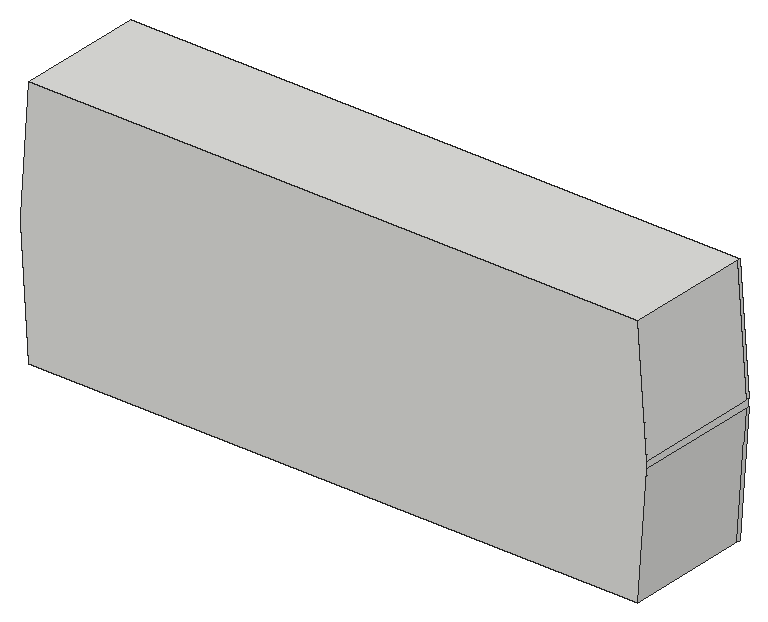
Revit family "290412 ProLED E combi ST LED 230V 1t_Vegg", category Lighting Fixtures, Revit 2016
Family settings
  Part Type = Normal
  Round Connector Dimension = Use Diameter
  OmniClass Number = 23.80.70.11.21
  OmniClass Title = Emergency Lighting
  Work Plane-Based = No
  Always vertical = Yes
  Cut with Voids When Loaded = No
  Light Source = Yes
  Shared = No
  Room Calculation Point = No
Parameters (values of type "MarkeringsLys (45 Ned mot venstre)")
  Type Comments = "-UN"
  NS8360 = "4431_WT2"
  Markeringslys normal = no
  Markeringslys ikke normal = yes
  Keynote = "WT2"
  Height 2 = 0 mm  # constant formula
  Width = 73 mm  # constant formula
  Wattage Comments = "17 W"
  Wattage = 9.2903 W
  built-in parameter 1150110 = 1 (stored number, unit not read)
  Voltage = 230 V
  URL = ""
  built-in parameter 1114217 = 1 (stored number, unit not read)
  Tilt Angle = 90.00°
  built-in parameter 1150109 = 1 (stored number, unit not read)
  built-in parameter 1150134 = 3
  Symbol Positive Direction [instance] = yes
  Symbol Offset Side [instance] = 0 mm
  Symbol Offset Out [instance] = 0 mm
  built-in parameter 1150113 = 1 (stored number, unit not read)
  Reference Line Out [instance] = 50 mm
  Photometric Web File = "20x42A12.ies"
  Number of Poles = 1
  MarkeringsLys Venstre = no
  MarkeringsLys Ned = no
  MarkeringsLys Opp = no
  MarkeringsLys Høyre = no
  MarkeringsLys 45 Opp mot venstre = no
  MarkeringsLys 45 Opp mot høyre = no
  MarkeringsLys 45 Ned mot venstre = yes
  MarkeringsLys 45 Ned mot høyre = no
  ML = yes
  built-in parameter 1150105 = 109.82 (stored number, unit not read)
  Lumens = 1380 lm
  built-in parameter 1150115 = 1 (stored number, unit not read)
  Load Classification [instance] = Other
  Model = ""
  Manufacturer = "Honeywell"
  built-in parameter 1150137 = (empty or 0)
  built-in parameter 1150139 = (empty or 0)
  Length 1 = Length - 15 mm  # 345 mm
  Length = 360 mm  # constant formula
  LedeLys = no
  built-in parameter 1150112 = 1 (stored number, unit not read)
  built-in parameter 1150114 = 1 (stored number, unit not read)
  Lamp = "1"
  built-in parameter 1150132 = (empty or 0)
  built-in parameter 1150102 = (empty or 0)
  built-in parameter 1150107 = 3200 (stored number, unit not read)
  built-in parameter 1150138 = (empty or 0)
  built-in parameter 1150106 = 1.0982 (stored number, unit not read)
  Height 1 = Height - 10 mm  # 135 mm
  Height = 145 mm  # constant formula
  Emit from Rectangle Width = Height  # 145 mm
  Emit from Rectangle Length = Length  # 360 mm
  Emit Shape Visible in Rendering = no
  built-in parameter 1150104 = 13.8 (stored number, unit not read)
  Dimming Lamp Color Temperature Shift = <None>
  Description = ""
  Color Filter = 16777215
  Body Material and Colour = Steel
  built-in parameter 1114218 = 1 (stored number, unit not read)
  built-in parameter 1150133 = 10 (stored number, unit not read)
  Assembly Code = "4431"
  Apparent Load = 17 VA
Types (9, lengths in mm): name | NS8360 | Markeringslys normal | Markeringslys ikke normal | MarkeringsLys Venstre | MarkeringsLys Ned | MarkeringsLys Opp | MarkeringsLys Høyre | MarkeringsLys 45 Opp mot venstre | MarkeringsLys 45 Opp mot høyre | MarkeringsLys 45 Ned mot venstre | MarkeringsLys 45 Ned mot høyre | ML | LedeLys | Assembly Code
  LedeLys | "4432_WT2" | yes | no | no | no | no | no | no | no | no | no | no | yes | "4432"
  MarkeringsLys (Ned) | "4431_WT2" | yes | no | no | yes | no | no | no | no | no | no | yes | no | "4431"
  MarkeringsLys (Opp) | "4431_WT2" | yes | no | no | no | yes | no | no | no | no | no | yes | no | "4431"
  MarkeringsLys (Venstre) | "4431_WT2" | no | yes | yes | no | no | no | no | no | no | no | yes | no | "4431"
  MarkeringsLys (Høyre) | "4431_WT2" | yes | no | no | no | no | yes | no | no | no | no | yes | no | "4431"
  MarkeringsLys (45 Ned mot høyre) | "4431_WT2" | yes | no | no | no | no | no | no | no | no | yes | yes | no | "4431"
  MarkeringsLys (45 Ned mot venstre) | "4431_WT2" | no | yes | no | no | no | no | no | no | yes | no | yes | no | "4431"
  MarkeringsLys (45 Opp mot høyre) | "4431_WT2" | yes | no | no | no | no | no | no | yes | no | no | yes | no | "4431"
  MarkeringsLys (45 Opp mot venstre) | "4431_WT2" | no | yes | no | no | no | no | yes | no | no | no | yes | no | "4431"
Reference planes
  plane 1 "Light Source Axis (F/B)": y = 119.961
  plane 2 "Top": z = 83
  plane 3 "Light Source Axis (L/R)": x = 0
  plane 4 "Level": z = 0
  plane 5 "Bottom": z = -145
  plane 6: x = -180
  plane 7: x = 180
  plane 8: y = 190.961
  plane 9: y = 192.961
  plane 10: z = -5
  plane 11: x = -172.5
  plane 12: x = 172.5
  plane 13: z = -72.5
  plane 14: z = -140
  plane 15: x = -80
  plane 16: x = 80
  plane 17: y = 149.961
Forms (mm)
  Extrusion 1, solid, material "Steel" <- "Body Material and Colour"
    sketch origin (0, 119.961, 0) x (1, 0, 0) y (0, 0, 1)
      loop
        arc (-175, 0) -> (-178.748, -35.161) -> (-180, -70.5) r 499.525
        line (-180, -70.5) -> (-180, -74.5)
        arc (-180, -74.5) -> (-178.748, -109.839) -> (-175, -145) r 499.525
        line (-175, -145) -> (175, -145)
        arc (175, -145) -> (178.748, -109.839) -> (180, -74.5) r 499.525
        line (180, -74.5) -> (180, -70.5)
        arc (180, -70.5) -> (178.748, -35.161) -> (175, 0) r 499.525
        line (175, 0) -> (-175, 0)
    from 0 to -71
  Extrusion 2, solid, material "Steel" <- "Body Material and Colour"
    sketch origin (0, 119.961, 0) x (1, 0, 0) y (0, 0, 1)
      loop
        arc (-175, 0) -> (-178.748, -35.161) -> (-180, -70.5) r 499.525
        line (-180, -70.5) -> (-180, -74.5)
        arc (-180, -74.5) -> (-178.748, -109.839) -> (-175, -145) r 499.525
        line (-175, -145) -> (175, -145)
        arc (175, -145) -> (178.748, -109.839) -> (180, -74.5) r 499.525
        line (180, -74.5) -> (180, -70.5)
        arc (180, -70.5) -> (178.748, -35.161) -> (175, 0) r 499.525
        line (175, 0) -> (-175, 0)
      loop
        line (-172.5, -5) -> (-172.5, -140) -> (172.5, -140) -> (172.5, -5) -> (-172.5, -5)
    from -73 to -71
  Extrusion 3, solid, material "White"
    sketch origin (0, 119.961, 0) x (1, 0, 0) y (0, 0, 1)
      loop
        line (172.5, -5) -> (-172.5, -5) -> (-172.5, -140) -> (172.5, -140) -> (172.5, -5)
    from -71 to -30
Cuts and joins
  joined: Extrusion 1, Extrusion 2
Lines and regions (mm)
  model lines, style "InvisibleLines"
    curve 1: line (0, 119.961, 0) -> (0, 169.961, 0)
  symbolic lines, style "InvisibleLines"
    curve 2: line (0, 119.961, 50) -> (0, 119.961, 0)
Dimensions and locks
  equal spacing: plane 6, plane 3 "Light Source Axis (L/R)", plane 7
  "Length": plane 6 to plane 7
  plane 8 to plane 1 "Light Source Axis (F/B)" = 71 mm
  locked: plane 9 to plane 8 at 2
  equal spacing: plane 4 "Level", plane 13, plane 5 "Bottom"
  "Height": plane 4 "Level" to plane 5 "Bottom"
  equal spacing: plane 11, plane 3 "Light Source Axis (L/R)", plane 12
  "Length 1": plane 11 to plane 12
  equal spacing: plane 10, plane 13, plane 14
  "Height 1": plane 10 to plane 14
  "Width": plane 1 "Light Source Axis (F/B)" to plane 9
  "Reference Line Out": plane 1 "Light Source Axis (F/B)" to curve 1
  plane 11 to plane 6 = 7.5 mm
  "Height 2": level to plane 4 "Level"
  equal spacing: plane 16, plane 3 "Light Source Axis (L/R)", plane 15
  locked: plane 16 to plane 15 at 160
  plane 1 "Light Source Axis (F/B)" to plane 17 = 30 mm
  aligned and locked: plane 3 "Light Source Axis (L/R)" to nested 2
  aligned and locked: plane 1 "Light Source Axis (F/B)" to nested 2
  aligned and locked: plane 8 to nested 1
  aligned and locked: plane 4 "Level" to Extrusion 1 sketch curve
  aligned and locked: plane 5 "Bottom" to Extrusion 1 sketch curve
  aligned and locked: Extrusion 1 to plane 8
  aligned and locked: plane 1 "Light Source Axis (F/B)" to Extrusion 1
  aligned and locked: plane 4 "Level" to Extrusion 2 sketch curve
  aligned and locked: plane 5 "Bottom" to Extrusion 2 sketch curve
  aligned and locked: plane 6 to Extrusion 2 sketch curve
  aligned and locked: Extrusion 2 sketch curve to plane 10
  aligned and locked: plane 11 to Extrusion 2 sketch curve
  aligned and locked: plane 14 to Extrusion 2 sketch curve
  aligned and locked: Extrusion 2 sketch curve to plane 12
  aligned and locked: plane 8 to Extrusion 2
  aligned and locked: Extrusion 2 to plane 9
  aligned and locked: nested 1 to plane 13
  aligned and locked: plane 13 to imposter light
  aligned and locked: imposter light to plane 1 "Light Source Axis (F/B)"
  aligned and locked: imposter light to plane 3 "Light Source Axis (L/R)"
  aligned and locked: plane 1 "Light Source Axis (F/B)" to curve 1
  aligned and locked: plane 3 "Light Source Axis (L/R)" to curve 1
  aligned and locked: nested 3 to plane 3 "Light Source Axis (L/R)"
  aligned and locked: plane 13 to nested 3
  aligned and locked: nested 3 to plane 8
  aligned and locked: plane 13 to nested 4
  aligned and locked: nested 4 to plane 3 "Light Source Axis (L/R)"
  aligned and locked: nested 4 to plane 8
  aligned and locked: plane 13 to nested 5
  aligned and locked: nested 5 to plane 3 "Light Source Axis (L/R)"
  aligned and locked: nested 5 to plane 8
  aligned and locked: plane 13 to nested 6
  aligned and locked: nested 6 to plane 3 "Light Source Axis (L/R)"
  aligned and locked: nested 6 to plane 8
  aligned and locked: nested 7 to plane 8
  aligned and locked: nested 7 to plane 3 "Light Source Axis (L/R)"
  aligned and locked: plane 13 to nested 7
  aligned and locked: nested 8 to plane 8
  aligned and locked: nested 8 to plane 3 "Light Source Axis (L/R)"
  aligned and locked: plane 13 to nested 8
  aligned and locked: nested 9 to plane 8
  aligned and locked: plane 13 to nested 9
  aligned and locked: nested 9 to plane 3 "Light Source Axis (L/R)"
  aligned and locked: Extrusion 3 sketch curve to plane 12
  aligned and locked: plane 14 to Extrusion 3 sketch curve
  aligned and locked: plane 11 to Extrusion 3 sketch curve
  aligned and locked: Extrusion 3 sketch curve to plane 10
  aligned and locked: Extrusion 3 to plane 8
  aligned and locked: Extrusion 3 to plane 17
  aligned and locked: Extrusion 1 sketch curve to plane 7
  aligned and locked: plane 7 to Extrusion 2 sketch curve
  aligned and locked: level to curve 2
  aligned and locked: curve 2 to plane 3 "Light Source Axis (L/R)"
  aligned and locked: plane 3 "Light Source Axis (L/R)" to nested 10
  aligned and locked: plane 1 "Light Source Axis (F/B)" to nested 10
Automatic sketch dimensions
  Extrusion 1 sketch curve to plane 6 = 0 mm
  plane 13 to Extrusion 1 sketch curve = 2 mm  (x2)
  Extrusion 1 sketch curve to Extrusion 1 sketch curve = 139.525 mm
  Extrusion 1 sketch curve to plane 13 = 2 mm  (x2)
  Extrusion 1 sketch curve to Extrusion 1 sketch curve = 0 mm  (x2)
  plane 6 to Extrusion 1 sketch curve = 5 mm
  plane 13 to Extrusion 2 sketch curve = 2 mm  (x2)
  Extrusion 2 sketch curve to plane 6 = 139.525 mm
  Extrusion 2 sketch curve to plane 13 = 2 mm  (x2)
  Extrusion 2 sketch curve to Extrusion 2 sketch curve = 0 mm  (x2)
  plane 6 to Extrusion 2 sketch curve = 5 mm
  plane 2 "Top" to curve 2 = 33 mm
Nested families
  nested 1: "Formula 65_ned" at (0, 190.961, -72.5), type "Formula 65"
  nested 2: "LedelysS" at (0, 119.961, 0), visible <- "LedeLys", type "Type 1"
  nested 3: "Formula 65_skrått 45 grader ned mot høyre" at (0, 190.961, -72.5) x (-1, 0, 0) z (0, 0, 1), visible <- "LedeLys", type "Formula 65"
  nested 4: "Formula 65_skrått 45 grader ned mot venstre" at (0, 190.961, -72.5) x (-1, 0, 0) z (0, 0, 1), type "Formula 65"
  nested 5: "Formula 65_skrått 45 grader opp mot høyre" at (0, 190.961, -72.5) x (-1, 0, 0) z (0, 0, 1), type "Formula 65"
  nested 6: "Formula 65_skrått 45 grader opp mot venstre" at (0, 190.961, -72.5) x (-1, 0, 0) z (0, 0, 1), type "Formula 65"
  nested 7: "Formula 65_høyre" at (0, 190.961, -72.5) x (-1, 0, 0) z (0, 0, 1), type "Formula 65"
  nested 8: "Formula 65_opp" at (0, 190.961, -72.5) x (-1, 0, 0) z (0, 0, 1), type "Formula 65"
  nested 9: "Formula 65_venstre" at (0, 190.961, -72.5) x (-1, 0, 0) z (0, 0, 1), type "Formula 65"
  nested 10: "Markeringslys1sideS" at (0, 119.961, 0), visible <- "ML", type "Type 1"
Connectors
  electrical at (0, 119.961, 0), driven by "Number of Poles", driven by "Load Classification", driven by "Voltage", driven by "Apparent Load"
    settings: index 1, voltage 230 V, apparent load 0 VA, apparent load phase1 17 VA, apparent load phase2 0 VA, apparent load phase3 0 VA, power factor 1, load classification "Other", number of poles 1, system type 31, power factor state 1, is connector primary yes, connector utility no, sub classification motor no, connector description ""
Definition of nested family "Formula 65_skrått 45 grader ned mot venstre"
  Parameters (values of type "Formula 65")
    L = 205 mm
    H = 135 mm
    45 ned mot venstre = yes
  Reference planes
    plane 1 "Center (Front/Back)": y = 0
    plane 2: z = 0
    plane 3 "Center (Left/Right)": x = 0
    plane 4: y = -2
  Forms (mm)
    Extrusion 1, solid, visible <- "45 ned mot venstre"
      sketch origin (453.48, 0, -265.275) x (1, 0, 0) y (0, 0, 1)
        loop
          line (-280.98, 332.775) -> (-625.98, 332.775) -> (-625.98, 197.775) -> (-280.98, 197.775) -> (-280.98, 332.775)
        loop
          circle (-417.615, 311.311) r 8.584
        loop
          line (-410.584, 296.212) -> (-415.061, 291.735) -> (-410.042, 283.042) -> (-424.294, 271.082)
          arc (-424.294, 271.082) -> (-425.135, 269.468) -> (-424.587, 267.732) r 2.378
          line (-424.587, 267.732) -> (-422.549, 265.304)
          arc (-422.549, 265.304) -> (-420.935, 264.463) -> (-419.2, 265.011) r 2.378
          line (-419.2, 265.011) -> (-406.018, 276.072) -> (-399.981, 265.617) -> (-413.827, 253.999) -> (-413.827, 216.163)
          arc (-413.827, 216.163) -> (-412.666, 213.361) -> (-409.864, 212.2) r 3.963
          line (-409.864, 212.2) -> (-405.901, 212.2)
          arc (-405.901, 212.2) -> (-403.099, 213.361) -> (-401.938, 216.163) r 3.963
          line (-401.938, 216.163) -> (-401.938, 248.455) -> (-393.945, 255.162) -> (-387.614, 244.195) -> (-346.457, 244.195)
          arc (-346.457, 244.195) -> (-343.655, 245.356) -> (-342.494, 248.158) r 3.963
          line (-342.494, 248.158) -> (-342.494, 252.121)
          arc (-342.494, 252.121) -> (-343.655, 254.924) -> (-346.457, 256.084) r 3.963
          line (-346.457, 256.084) -> (-367.022, 256.084) -> (-386.981, 290.655) -> (-366.358, 286.639) -> (-358.93, 273.773)
          arc (-358.93, 273.773) -> (-357.426, 272.65) -> (-355.576, 272.968) r 2.378
          line (-355.576, 272.968) -> (-352.83, 274.751)
          arc (-352.83, 274.751) -> (-351.799, 276.251) -> (-352.131, 278.04) r 2.378
          line (-352.131, 278.04) -> (-362.467, 293.956) -> (-403.704, 301.986) -> (-410.584, 296.212)
        loop
          line (-553.229, 266.575) -> (-553.229, 229) -> (-515.653, 229) -> (-504.381, 240.273) -> (-530.684, 240.273) -> (-475.043, 295.913) -> (-486.316, 307.186) -> (-541.956, 251.545) -> (-541.956, 277.848) -> (-553.229, 266.575)
      from 0 to 2
  Dimensions and locks
    aligned and locked: level to plane 2
Definition of nested family "Formula 65_ned"
  Parameters (values of type "Formula 65")
    Ned = yes
    L = 205 mm
    H = 135 mm
  Reference planes
    plane 1 "Center (Front/Back)": y = 0
    plane 2: z = 0
    plane 3 "Center (Left/Right)": x = 0
    plane 4: y = -2
  Forms (mm)
    Extrusion 1, solid, visible <- "Ned"
      sketch origin (453.48, 0, -265.275) x (1, 0, 0) y (0, 0, 1)
        loop
          line (-280.98, 332.775) -> (-625.98, 332.775) -> (-625.98, 197.775) -> (-280.98, 197.775) -> (-280.98, 332.775)
        loop
          line (-504.749, 240.544) -> (-504.749, 256.486) -> (-523.347, 237.888) -> (-523.347, 316.575) -> (-539.289, 316.575) -> (-539.289, 237.888) -> (-557.888, 256.486) -> (-557.888, 240.544) -> (-531.318, 213.975) -> (-504.749, 240.544)
        loop
          circle (-417.615, 311.311) r 8.584
        loop
          line (-410.584, 296.212) -> (-415.061, 291.735) -> (-410.042, 283.042) -> (-424.294, 271.082)
          arc (-424.294, 271.082) -> (-425.135, 269.468) -> (-424.587, 267.732) r 2.378
          line (-424.587, 267.732) -> (-422.549, 265.304)
          arc (-422.549, 265.304) -> (-420.935, 264.463) -> (-419.2, 265.011) r 2.378
          line (-419.2, 265.011) -> (-406.018, 276.072) -> (-399.981, 265.617) -> (-413.827, 253.999) -> (-413.827, 216.163)
          arc (-413.827, 216.163) -> (-412.666, 213.361) -> (-409.864, 212.2) r 3.963
          line (-409.864, 212.2) -> (-405.901, 212.2)
          arc (-405.901, 212.2) -> (-403.099, 213.361) -> (-401.938, 216.163) r 3.963
          line (-401.938, 216.163) -> (-401.938, 248.455) -> (-393.945, 255.162) -> (-387.614, 244.195) -> (-346.457, 244.195)
          arc (-346.457, 244.195) -> (-343.655, 245.356) -> (-342.494, 248.158) r 3.963
          line (-342.494, 248.158) -> (-342.494, 252.121)
          arc (-342.494, 252.121) -> (-343.655, 254.924) -> (-346.457, 256.084) r 3.963
          line (-346.457, 256.084) -> (-367.022, 256.084) -> (-386.981, 290.655) -> (-366.358, 286.639) -> (-358.93, 273.773)
          arc (-358.93, 273.773) -> (-357.426, 272.65) -> (-355.576, 272.968) r 2.378
          line (-355.576, 272.968) -> (-352.83, 274.751)
          arc (-352.83, 274.751) -> (-351.799, 276.251) -> (-352.131, 278.04) r 2.378
          line (-352.131, 278.04) -> (-362.467, 293.956) -> (-403.704, 301.986) -> (-410.584, 296.212)
      from 0 to 2
  Dimensions and locks
    aligned and locked: level to plane 2
Definition of nested family "LedelysS"
  Parameters
    CQ Symbol Positive Direction = yes
    CQ Symbol Negative Direction = not(CQ Symbol Positive Direction)  # no
    CQ Symbol Offset Side = 0 mm
    CQ Symbol Offset Out = 0 mm
  Reference planes
    plane 1: y = 0
    plane 2: x = 0
  Dimensions and locks
    "CQ Symbol Offset Out": plane 1 to nested 1
    "CQ Symbol Offset Out": plane 1 to nested 2
    "CQ Symbol Offset Side": plane 2 to nested 2
    "CQ Symbol Offset Side": nested 1 to plane 2
  Nested families
    nested 1: "LedelysSub" at (0, 0, 0), visible <- "CQ Symbol Negative Direction", type "Type 1"
    nested 2: "LedelysSub" at (0, 0, 0), visible <- "CQ Symbol Positive Direction", type "Type 1"
  Definition of nested family "LedelysSub"
    Reference planes
      plane 1: y = 0
      plane 2: x = 0
    Lines and regions (mm)
      detail lines
        curve 1: line (-4, 0, 0) -> (4, 0, 0)
        curve 2: line (4, 0, 0) -> (4, 4, 0)
        curve 3: line (4, 4, 0) -> (-4, 4, 0)
        curve 4: line (-4, 4, 0) -> (-4, 0, 0)
        curve 5: line (-3.097, 0.75, 0) -> (-0.597, 3.25, 0)
        curve 6: line (-3.097, 3.25, 0) -> (-0.597, 0.75, 0)
        curve 7: circle (-1.847, 2, 0) r 1.2 normal (0, 0, 1)
    Text (mm)
      text "LL" at (2.179, 3.025, 0)
Definition of nested family "Formula 65_skrått 45 grader ned mot høyre"
  Parameters (values of type "Formula 65")
    L = 205 mm
    H = 135 mm
    45 ned mot høyre = yes
  Reference planes
    plane 1 "Center (Front/Back)": y = 0
    plane 2: z = 0
    plane 3 "Center (Left/Right)": x = 0
    plane 4: y = -2
  Forms (mm)
    Extrusion 1, solid, visible <- "45 ned mot høyre"
      sketch origin (453.48, 0, -265.275) x (1, 0, 0) y (0, 0, 1)
        loop
          line (-280.98, 332.775) -> (-625.98, 332.775) -> (-625.98, 197.775) -> (-280.98, 197.775) -> (-280.98, 332.775)
        loop
          circle (-489.344, 311.311) r 8.584
        loop
          line (-496.375, 296.212) -> (-503.256, 301.986) -> (-544.493, 293.956) -> (-554.828, 278.04)
          arc (-554.828, 278.04) -> (-555.16, 276.251) -> (-554.129, 274.751) r 2.378
          line (-554.129, 274.751) -> (-551.383, 272.968)
          arc (-551.383, 272.968) -> (-549.533, 272.65) -> (-548.029, 273.773) r 2.378
          line (-548.029, 273.773) -> (-540.601, 286.639) -> (-519.978, 290.655) -> (-539.937, 256.084) -> (-560.502, 256.084)
          arc (-560.502, 256.084) -> (-563.304, 254.924) -> (-564.465, 252.121) r 3.963
          line (-564.465, 252.121) -> (-564.465, 248.158)
          arc (-564.465, 248.158) -> (-563.304, 245.356) -> (-560.502, 244.195) r 3.963
          line (-560.502, 244.195) -> (-519.345, 244.195) -> (-513.014, 255.162) -> (-505.021, 248.455) -> (-505.021, 216.163)
          arc (-505.021, 216.163) -> (-503.86, 213.361) -> (-501.058, 212.2) r 3.963
          line (-501.058, 212.2) -> (-497.095, 212.2)
          arc (-497.095, 212.2) -> (-494.293, 213.361) -> (-493.132, 216.163) r 3.963
          line (-493.132, 216.163) -> (-493.132, 253.999) -> (-506.978, 265.617) -> (-500.942, 276.072) -> (-487.759, 265.011)
          arc (-487.759, 265.011) -> (-486.024, 264.463) -> (-484.41, 265.304) r 2.378
          line (-484.41, 265.304) -> (-482.372, 267.732)
          arc (-482.372, 267.732) -> (-481.824, 269.468) -> (-482.665, 271.082) r 2.378
          line (-482.665, 271.082) -> (-496.917, 283.042) -> (-491.898, 291.735) -> (-496.375, 296.212)
        loop
          line (-348.33, 266.575) -> (-359.603, 277.848) -> (-359.603, 251.545) -> (-415.243, 307.186) -> (-426.516, 295.913) -> (-370.876, 240.273) -> (-397.178, 240.273) -> (-385.906, 229) -> (-348.33, 229) -> (-348.33, 266.575)
      from 0 to 2
  Dimensions and locks
    aligned and locked: level to plane 2
Definition of nested family "Formula 65_skrått 45 grader opp mot høyre"
  Parameters (values of type "Formula 65")
    L = 205 mm
    H = 135 mm
    45 grader opp mot høyre = yes
  Reference planes
    plane 1 "Center (Front/Back)": y = 0
    plane 2: z = 0
    plane 3 "Center (Left/Right)": x = 0
    plane 4: y = -2
  Forms (mm)
    Extrusion 1, solid, visible <- "45 grader opp mot høyre"
      sketch origin (453.48, 0, -265.275) x (1, 0, 0) y (0, 0, 1)
        loop
          line (-280.98, 332.775) -> (-625.98, 332.775) -> (-625.98, 197.775) -> (-280.98, 197.775) -> (-280.98, 332.775)
        loop
          circle (-489.344, 311.311) r 8.584
        loop
          line (-496.375, 296.212) -> (-503.256, 301.986) -> (-544.493, 293.956) -> (-554.828, 278.04)
          arc (-554.828, 278.04) -> (-555.16, 276.251) -> (-554.129, 274.751) r 2.378
          line (-554.129, 274.751) -> (-551.383, 272.968)
          arc (-551.383, 272.968) -> (-549.533, 272.65) -> (-548.029, 273.773) r 2.378
          line (-548.029, 273.773) -> (-540.601, 286.639) -> (-519.978, 290.655) -> (-539.937, 256.084) -> (-560.502, 256.084)
          arc (-560.502, 256.084) -> (-563.304, 254.924) -> (-564.465, 252.121) r 3.963
          line (-564.465, 252.121) -> (-564.465, 248.158)
          arc (-564.465, 248.158) -> (-563.304, 245.356) -> (-560.502, 244.195) r 3.963
          line (-560.502, 244.195) -> (-519.345, 244.195) -> (-513.014, 255.162) -> (-505.021, 248.455) -> (-505.021, 216.163)
          arc (-505.021, 216.163) -> (-503.86, 213.361) -> (-501.058, 212.2) r 3.963
          line (-501.058, 212.2) -> (-497.095, 212.2)
          arc (-497.095, 212.2) -> (-494.293, 213.361) -> (-493.132, 216.163) r 3.963
          line (-493.132, 216.163) -> (-493.132, 253.999) -> (-506.978, 265.617) -> (-500.942, 276.072) -> (-487.759, 265.011)
          arc (-487.759, 265.011) -> (-486.024, 264.463) -> (-484.41, 265.304) r 2.378
          line (-484.41, 265.304) -> (-482.372, 267.732)
          arc (-482.372, 267.732) -> (-481.824, 269.468) -> (-482.665, 271.082) r 2.378
          line (-482.665, 271.082) -> (-496.917, 283.042) -> (-491.898, 291.735) -> (-496.375, 296.212)
        loop
          line (-348.33, 263.974) -> (-348.33, 301.549) -> (-385.906, 301.549) -> (-397.178, 290.277) -> (-370.876, 290.277) -> (-426.516, 234.636) -> (-415.243, 223.364) -> (-359.603, 279.004) -> (-359.603, 252.701) -> (-348.33, 263.974)
      from 0 to 2
  Dimensions and locks
    aligned and locked: level to plane 2
Definition of nested family "Formula 65_skrått 45 grader opp mot venstre"
  Parameters (values of type "Formula 65")
    L = 205 mm
    H = 135 mm
    45 opp mot venstre = yes
  Reference planes
    plane 1 "Center (Front/Back)": y = 0
    plane 2: z = 0
    plane 3 "Center (Left/Right)": x = 0
    plane 4: y = -2
  Forms (mm)
    Extrusion 1, solid, visible <- "45 opp mot venstre"
      sketch origin (453.48, 0, -265.275) x (1, 0, 0) y (0, 0, 1)
        loop
          line (-280.98, 332.775) -> (-625.98, 332.775) -> (-625.98, 197.775) -> (-280.98, 197.775) -> (-280.98, 332.775)
        loop
          circle (-413.631, 316.426) r 9.538
        loop
          line (-405.818, 299.649) -> (-410.792, 294.675) -> (-405.215, 285.016) -> (-421.051, 271.728)
          arc (-421.051, 271.728) -> (-421.985, 269.934) -> (-421.377, 268.006) r 2.642
          line (-421.377, 268.006) -> (-419.113, 265.307)
          arc (-419.113, 265.307) -> (-417.319, 264.373) -> (-415.391, 264.981) r 2.642
          line (-415.391, 264.981) -> (-400.744, 277.271) -> (-394.037, 265.655) -> (-409.421, 252.746) -> (-409.421, 210.706)
          arc (-409.421, 210.706) -> (-408.132, 207.592) -> (-405.018, 206.303) r 4.403
          line (-405.018, 206.303) -> (-400.615, 206.303)
          arc (-400.615, 206.303) -> (-397.501, 207.592) -> (-396.211, 210.706) r 4.403
          line (-396.211, 210.706) -> (-396.211, 246.586) -> (-387.33, 254.038) -> (-380.295, 241.853) -> (-334.565, 241.853)
          arc (-334.565, 241.853) -> (-331.452, 243.143) -> (-330.162, 246.257) r 4.403
          line (-330.162, 246.257) -> (-330.162, 250.66)
          arc (-330.162, 250.66) -> (-331.452, 253.773) -> (-334.565, 255.063) r 4.403
          line (-334.565, 255.063) -> (-357.415, 255.063) -> (-379.592, 293.474) -> (-356.678, 289.013) -> (-348.425, 274.717)
          arc (-348.425, 274.717) -> (-346.753, 273.469) -> (-344.698, 273.823) r 2.642
          line (-344.698, 273.823) -> (-341.647, 275.804)
          arc (-341.647, 275.804) -> (-340.501, 277.47) -> (-340.87, 279.459) r 2.642
          line (-340.87, 279.459) -> (-352.354, 297.143) -> (-398.173, 306.065) -> (-405.818, 299.649)
        loop
          line (-576.312, 263.83) -> (-563.787, 251.304) -> (-563.787, 280.53) -> (-501.964, 218.707) -> (-489.439, 231.232) -> (-551.262, 293.055) -> (-522.037, 293.055) -> (-534.562, 305.58) -> (-576.312, 305.58) -> (-576.312, 263.83)
      from 0 to 2
  Dimensions and locks
    aligned and locked: level to plane 2
Definition of nested family "Formula 65_høyre"
  Parameters (values of type "Formula 65")
    L = 205 mm
    Høyre = yes
    H = 135 mm
  Reference planes
    plane 1 "Center (Front/Back)": y = 0
    plane 2: z = 0
    plane 3 "Center (Left/Right)": x = 0
    plane 4: y = -2
  Forms (mm)
    Extrusion 1, solid, visible <- "Høyre"
      sketch origin (453.48, 0, -265.275) x (1, 0, 0) y (0, 0, 1)
        loop
          line (-280.98, 332.775) -> (-625.98, 332.775) -> (-625.98, 197.775) -> (-280.98, 197.775) -> (-280.98, 332.775)
        loop
          circle (-489.344, 311.311) r 8.584
        loop
          line (-496.375, 296.212) -> (-503.256, 301.986) -> (-544.493, 293.956) -> (-554.828, 278.04)
          arc (-554.828, 278.04) -> (-555.16, 276.251) -> (-554.129, 274.751) r 2.378
          line (-554.129, 274.751) -> (-551.383, 272.968)
          arc (-551.383, 272.968) -> (-549.533, 272.65) -> (-548.029, 273.773) r 2.378
          line (-548.029, 273.773) -> (-540.601, 286.639) -> (-519.978, 290.655) -> (-539.937, 256.084) -> (-560.502, 256.084)
          arc (-560.502, 256.084) -> (-563.304, 254.924) -> (-564.465, 252.121) r 3.963
          line (-564.465, 252.121) -> (-564.465, 248.158)
          arc (-564.465, 248.158) -> (-563.304, 245.356) -> (-560.502, 244.195) r 3.963
          line (-560.502, 244.195) -> (-519.345, 244.195) -> (-513.014, 255.162) -> (-505.021, 248.455) -> (-505.021, 216.163)
          arc (-505.021, 216.163) -> (-503.86, 213.361) -> (-501.058, 212.2) r 3.963
          line (-501.058, 212.2) -> (-497.095, 212.2)
          arc (-497.095, 212.2) -> (-494.293, 213.361) -> (-493.132, 216.163) r 3.963
          line (-493.132, 216.163) -> (-493.132, 253.999) -> (-506.978, 265.617) -> (-500.942, 276.072) -> (-487.759, 265.011)
          arc (-487.759, 265.011) -> (-486.024, 264.463) -> (-484.41, 265.304) r 2.378
          line (-484.41, 265.304) -> (-482.372, 267.732)
          arc (-482.372, 267.732) -> (-481.824, 269.468) -> (-482.665, 271.082) r 2.378
          line (-482.665, 271.082) -> (-496.917, 283.042) -> (-491.898, 291.735) -> (-496.375, 296.212)
        loop
          line (-357.175, 291.844) -> (-373.117, 291.844) -> (-354.518, 273.246) -> (-433.205, 273.246) -> (-433.205, 257.304) -> (-354.518, 257.304) -> (-373.117, 238.705) -> (-357.175, 238.705) -> (-330.605, 265.275) -> (-357.175, 291.844)
      from 0 to 2
  Dimensions and locks
    aligned and locked: level to plane 2
Definition of nested family "Formula 65_opp"
  Parameters (values of type "Formula 65")
    Up = yes
    L = 205 mm
    H = 135 mm
  Reference planes
    plane 1 "Center (Front/Back)": y = 0
    plane 2: z = 0
    plane 3 "Center (Left/Right)": x = 0
    plane 4: y = -2
  Forms (mm)
    Extrusion 1, solid, visible <- "Up"
      sketch origin (453.48, 0, -265.275) x (1, 0, 0) y (0, 0, 1)
        loop
          line (-280.98, 332.775) -> (-625.98, 332.775) -> (-625.98, 197.775) -> (-280.98, 197.775) -> (-280.98, 332.775)
        loop
          circle (-417.615, 311.311) r 8.584
        loop
          line (-410.584, 296.212) -> (-415.061, 291.735) -> (-410.042, 283.042) -> (-424.294, 271.082)
          arc (-424.294, 271.082) -> (-425.135, 269.468) -> (-424.587, 267.732) r 2.378
          line (-424.587, 267.732) -> (-422.549, 265.304)
          arc (-422.549, 265.304) -> (-420.935, 264.463) -> (-419.2, 265.011) r 2.378
          line (-419.2, 265.011) -> (-406.018, 276.072) -> (-399.981, 265.617) -> (-413.827, 253.999) -> (-413.827, 216.163)
          arc (-413.827, 216.163) -> (-412.666, 213.361) -> (-409.864, 212.2) r 3.963
          line (-409.864, 212.2) -> (-405.901, 212.2)
          arc (-405.901, 212.2) -> (-403.099, 213.361) -> (-401.938, 216.163) r 3.963
          line (-401.938, 216.163) -> (-401.938, 248.455) -> (-393.945, 255.162) -> (-387.614, 244.195) -> (-346.457, 244.195)
          arc (-346.457, 244.195) -> (-343.655, 245.356) -> (-342.494, 248.158) r 3.963
          line (-342.494, 248.158) -> (-342.494, 252.121)
          arc (-342.494, 252.121) -> (-343.655, 254.924) -> (-346.457, 256.084) r 3.963
          line (-346.457, 256.084) -> (-367.022, 256.084) -> (-386.981, 290.655) -> (-366.358, 286.639) -> (-358.93, 273.773)
          arc (-358.93, 273.773) -> (-357.426, 272.65) -> (-355.576, 272.968) r 2.378
          line (-355.576, 272.968) -> (-352.83, 274.751)
          arc (-352.83, 274.751) -> (-351.799, 276.251) -> (-352.131, 278.04) r 2.378
          line (-352.131, 278.04) -> (-362.467, 293.956) -> (-403.704, 301.986) -> (-410.584, 296.212)
        loop
          line (-504.749, 290.005) -> (-531.318, 316.575) -> (-557.888, 290.005) -> (-557.888, 274.063) -> (-539.289, 292.662) -> (-539.289, 213.975) -> (-523.347, 213.975) -> (-523.347, 292.662) -> (-504.749, 274.063) -> (-504.749, 290.005)
      from 0 to 2
  Dimensions and locks
    aligned and locked: level to plane 2
Definition of nested family "Formula 65_venstre"
  Parameters (values of type "Formula 65")
    Venstre = yes
    L = 345 mm
    H = 135 mm
  Reference planes
    plane 1 "Center (Front/Back)": y = 0
    plane 2: z = 0
    plane 3 "Center (Left/Right)": x = 0
    plane 4: y = -2
  Forms (mm)
    Extrusion 1, solid, visible <- "Venstre"
      sketch origin (453.48, 0, -265.275) x (1, 0, 0) y (0, 0, 1)
        loop
          line (-280.98, 332.775) -> (-625.98, 332.775) -> (-625.98, 197.775) -> (-280.98, 197.775) -> (-280.98, 332.775)
        loop
          circle (-417.615, 311.311) r 8.584
        loop
          line (-410.584, 296.212) -> (-415.061, 291.735) -> (-410.042, 283.042) -> (-424.294, 271.082)
          arc (-424.294, 271.082) -> (-425.135, 269.468) -> (-424.587, 267.732) r 2.378
          line (-424.587, 267.732) -> (-422.549, 265.304)
          arc (-422.549, 265.304) -> (-420.935, 264.463) -> (-419.2, 265.011) r 2.378
          line (-419.2, 265.011) -> (-406.018, 276.072) -> (-399.981, 265.617) -> (-413.827, 253.999) -> (-413.827, 216.163)
          arc (-413.827, 216.163) -> (-412.666, 213.361) -> (-409.864, 212.2) r 3.963
          line (-409.864, 212.2) -> (-405.901, 212.2)
          arc (-405.901, 212.2) -> (-403.099, 213.361) -> (-401.938, 216.163) r 3.963
          line (-401.938, 216.163) -> (-401.938, 248.455) -> (-393.945, 255.162) -> (-387.614, 244.195) -> (-346.457, 244.195)
          arc (-346.457, 244.195) -> (-343.655, 245.356) -> (-342.494, 248.158) r 3.963
          line (-342.494, 248.158) -> (-342.494, 252.121)
          arc (-342.494, 252.121) -> (-343.655, 254.924) -> (-346.457, 256.084) r 3.963
          line (-346.457, 256.084) -> (-367.022, 256.084) -> (-386.981, 290.655) -> (-366.358, 286.639) -> (-358.93, 273.773)
          arc (-358.93, 273.773) -> (-357.426, 272.65) -> (-355.576, 272.968) r 2.378
          line (-355.576, 272.968) -> (-352.83, 274.751)
          arc (-352.83, 274.751) -> (-351.799, 276.251) -> (-352.131, 278.04) r 2.378
          line (-352.131, 278.04) -> (-362.467, 293.956) -> (-403.704, 301.986) -> (-410.584, 296.212)
        loop
          line (-540.334, 291.844) -> (-566.904, 265.275) -> (-540.334, 238.705) -> (-524.393, 238.705) -> (-542.991, 257.304) -> (-464.304, 257.304) -> (-464.304, 273.246) -> (-542.991, 273.246) -> (-524.393, 291.844) -> (-540.334, 291.844)
      from 0 to 2
  Dimensions and locks
    aligned and locked: level to plane 2
Definition of nested family "Markeringslys1sideS"
  Parameters (values of type "Type 1")
    Venstre opp 45 = no
    Venstre ned 45 = no
    Venstre = no
    Opp = no
    Normal = yes
    Ned = no
    Ikke normal = no
    Høyre opp 45 = no
    Høyre ned 45 = yes
    Høyre = no
    CQ Symbol Positive Direction = yes
    CQ Symbol Negative Direction = not(CQ Symbol Positive Direction)  # no
    CQ Symbol Offset Side = 0 mm
    CQ Symbol Offset Out = 0 mm
  Reference planes
    plane 1: y = 0
    plane 2: x = 0
  Dimensions and locks
    "CQ Symbol Offset Out": plane 1 to nested 1
    "CQ Symbol Offset Out": plane 1 to nested 2
    "CQ Symbol Offset Side": plane 2 to nested 2
    "CQ Symbol Offset Side": nested 1 to plane 2
  Nested families
    nested 1: "Markeringslys dobbel" at (0, 0, 0), visible <- "CQ Symbol Negative Direction", type "Type 1"
    nested 2: "Markeringslys dobbel" at (0, 0, 0), visible <- "CQ Symbol Positive Direction", type "Type 1"
  Definition of nested family "Markeringslys dobbel"
    Parameters (values of type "Type 1")
      Venstre opp 45 = no
      Venstre ned 45 = no
      Venstre = yes
      Opp = no
      Normal = no
      Ned = no
      Ikke normal = yes
      Høyre opp 45 = no
      Høyre ned 45 = no
      Høyre = no
    Reference planes
      plane 1: y = 0
      plane 2: x = 0
    Lines and regions (mm)
      detail lines
        curve 1: line (-4, 0, 0) -> (4, 0, 0)
        curve 2: line (-4, 4, 0) -> (4, 4, 0)
        curve 3: line (4, 4, 0) -> (4, 0, 0)
        curve 4: line (4, 0, 0) -> (-4, 0, 0)
        curve 5: line (-4, 0, 0) -> (-4, 4, 0)
      detail lines, visible <- "Ned"
        curve 6: line (-2.346, 0.5, 0) -> (-1.646, 0.5, 0)
        curve 7: line (-2.346, 0.5, 0) -> (-2.346, 2.584, 0)
        curve 8: line (-1.646, 0.5, 0) -> (-1.646, 2.584, 0)
        curve 9: line (-1.996, 3.5, 0) -> (-2.996, 2.5, 0)
        curve 10: line (-2.996, 2.5, 0) -> (-2.996, 1.934, 0)
        curve 11: line (-2.996, 1.934, 0) -> (-2.346, 2.584, 0)
        curve 12: line (-1.996, 3.5, 0) -> (-0.996, 2.5, 0)
        curve 13: line (-0.996, 2.5, 0) -> (-0.996, 1.934, 0)
        curve 14: line (-0.996, 1.934, 0) -> (-1.646, 2.584, 0)
      detail lines, visible <- "Normal"
        curve 15: circle (1.212, 0.614, 0) r 0.3 normal (0, 0, -1)
        curve 16: line (0.986, 3.7, 0) -> (1.395, 3.7, 0)
        curve 17: line (0.986, 3.7, 0) -> (1.823, 2.308, 0)
        curve 18: line (1.823, 2.308, 0) -> (1.461, 1.495, 0)
        curve 19: line (1.069, 2.147, 0) -> (1.461, 1.495, 0)
        curve 20: line (1.069, 2.147, 0) -> (0.487, 2.147, 0)
        curve 21: line (0.487, 2.147, 0) -> (0.487, 1.847, 0)
        curve 22: line (0.487, 1.847, 0) -> (0.899, 1.847, 0)
        curve 23: line (0.899, 1.847, 0) -> (1.307, 1.169, 0)
        curve 24: line (1.395, 3.7, 0) -> (2.104, 2.518, 0)
        curve 25: line (1.307, 1.169, 0) -> (1.753, 0.97, 0)
        curve 26: line (1.753, 0.97, 0) -> (2.625, 0.97, 0)
        curve 27: line (2.625, 0.97, 0) -> (2.99, 1.627, 0)
        curve 28: line (2.99, 1.627, 0) -> (2.769, 1.848, 0)
        curve 29: line (2.769, 1.848, 0) -> (2.457, 1.285, 0)
        curve 30: line (2.104, 2.518, 0) -> (2.259, 3.229, 0)
        curve 31: line (2.259, 3.229, 0) -> (3.557, 3.229, 0)
        curve 32: line (3.557, 3.229, 0) -> (3.457, 2.879, 0)
        curve 33: line (3.457, 2.879, 0) -> (2.541, 2.879, 0)
        curve 34: line (2.541, 2.879, 0) -> (2.4, 2.23, 0)
        curve 35: line (2.4, 2.23, 0) -> (2.021, 1.38, 0)
        curve 36: line (2.021, 1.38, 0) -> (2.457, 1.285, 0)
      detail lines, visible <- "Opp"
        curve 37: line (-1.646, 3.5, 0) -> (-2.346, 3.5, 0)
        curve 38: line (-1.646, 3.5, 0) -> (-1.646, 1.416, 0)
        curve 39: line (-2.346, 3.5, 0) -> (-2.346, 1.416, 0)
        curve 40: line (-1.996, 0.5, 0) -> (-0.996, 1.5, 0)
        curve 41: line (-0.996, 1.5, 0) -> (-0.996, 2.066, 0)
        curve 42: line (-0.996, 2.066, 0) -> (-1.646, 1.416, 0)
        curve 43: line (-1.996, 0.5, 0) -> (-2.996, 1.5, 0)
        curve 44: line (-2.996, 1.5, 0) -> (-2.996, 2.066, 0)
        curve 45: line (-2.996, 2.066, 0) -> (-2.346, 1.416, 0)
      detail lines, visible <- "Høyre"
        curve 46: line (-0.496, 1.65, 0) -> (-0.496, 2.35, 0)
        curve 47: line (-0.496, 1.65, 0) -> (-2.58, 1.65, 0)
        curve 48: line (-0.496, 2.35, 0) -> (-2.58, 2.35, 0)
        curve 49: line (-3.496, 2, 0) -> (-2.466, 0.97, 0)
        curve 50: line (-2.496, 1, 0) -> (-1.93, 1, 0)
        curve 51: line (-1.93, 1, 0) -> (-2.58, 1.65, 0)
        curve 52: line (-3.496, 2, 0) -> (-2.496, 3, 0)
        curve 53: line (-2.496, 3, 0) -> (-1.93, 3, 0)
        curve 54: line (-1.93, 3, 0) -> (-2.58, 2.35, 0)
      detail lines, visible <- "Ikke normal"
        curve 55: circle (-1.299, 0.614, 0) r 0.3 normal (0, 0, 1)
        curve 56: line (-1.073, 3.7, 0) -> (-1.482, 3.7, 0)
        curve 57: line (-1.073, 3.7, 0) -> (-1.91, 2.308, 0)
        curve 58: line (-1.91, 2.308, 0) -> (-1.548, 1.495, 0)
        curve 59: line (-1.156, 2.147, 0) -> (-1.548, 1.495, 0)
        curve 60: line (-1.156, 2.147, 0) -> (-0.574, 2.147, 0)
        curve 61: line (-0.574, 2.147, 0) -> (-0.574, 1.847, 0)
        curve 62: line (-0.574, 1.847, 0) -> (-0.986, 1.847, 0)
        curve 63: line (-0.986, 1.847, 0) -> (-1.394, 1.169, 0)
        curve 64: line (-1.482, 3.7, 0) -> (-2.192, 2.518, 0)
        curve 65: line (-1.394, 1.169, 0) -> (-1.84, 0.97, 0)
        curve 66: line (-1.84, 0.97, 0) -> (-2.713, 0.97, 0)
        curve 67: line (-2.713, 0.97, 0) -> (-3.077, 1.627, 0)
        curve 68: line (-3.077, 1.627, 0) -> (-2.856, 1.848, 0)
        curve 69: line (-2.856, 1.848, 0) -> (-2.544, 1.285, 0)
        curve 70: line (-2.192, 2.518, 0) -> (-2.346, 3.229, 0)
        curve 71: line (-2.346, 3.229, 0) -> (-3.644, 3.229, 0)
        curve 72: line (-3.644, 3.229, 0) -> (-3.544, 2.879, 0)
        curve 73: line (-3.544, 2.879, 0) -> (-2.628, 2.879, 0)
        curve 74: line (-2.628, 2.879, 0) -> (-2.487, 2.23, 0)
        curve 75: line (-2.487, 2.23, 0) -> (-2.108, 1.38, 0)
        curve 76: line (-2.108, 1.38, 0) -> (-2.544, 1.285, 0)
      detail lines, visible <- "Venstre"
        curve 77: line (0.409, 1.65, 0) -> (0.409, 2.35, 0)
        curve 78: line (0.409, 1.65, 0) -> (2.493, 1.65, 0)
        curve 79: line (0.409, 2.35, 0) -> (2.493, 2.35, 0)
        curve 80: line (3.409, 2, 0) -> (2.409, 1, 0)
        curve 81: line (2.409, 1, 0) -> (1.843, 1, 0)
        curve 82: line (1.843, 1, 0) -> (2.493, 1.65, 0)
        curve 83: line (3.409, 2, 0) -> (2.409, 3, 0)
        curve 84: line (2.409, 3, 0) -> (1.843, 3, 0)
        curve 85: line (1.843, 3, 0) -> (2.493, 2.35, 0)
      detail lines, visible <- "Venstre opp 45"
        curve 86: line (0.601, 2.813, 0) -> (1.096, 3.308, 0)
        curve 87: line (0.601, 2.813, 0) -> (2.075, 1.339, 0)
        curve 88: line (1.096, 3.308, 0) -> (2.57, 1.834, 0)
        curve 89: line (2.97, 0.939, 0) -> (1.556, 0.939, 0)
        curve 90: line (1.556, 0.939, 0) -> (1.156, 1.339, 0)
        curve 91: line (1.156, 1.339, 0) -> (2.075, 1.339, 0)
        curve 92: line (2.97, 0.939, 0) -> (2.97, 2.354, 0)
        curve 93: line (2.97, 2.354, 0) -> (2.57, 2.754, 0)
        curve 94: line (2.57, 2.754, 0) -> (2.57, 1.834, 0)
      detail lines, visible <- "Venstre ned 45"
        curve 95: line (1.096, 0.939, 0) -> (0.601, 1.434, 0)
        curve 96: line (1.096, 0.939, 0) -> (2.57, 2.413, 0)
        curve 97: line (0.601, 1.434, 0) -> (2.075, 2.908, 0)
        curve 98: line (2.97, 3.308, 0) -> (2.97, 1.894, 0)
        curve 99: line (2.97, 1.894, 0) -> (2.57, 1.494, 0)
        curve 100: line (2.57, 1.494, 0) -> (2.57, 2.413, 0)
        curve 101: line (2.97, 3.308, 0) -> (1.556, 3.308, 0)
        curve 102: line (1.556, 3.308, 0) -> (1.156, 2.908, 0)
        curve 103: line (1.156, 2.908, 0) -> (2.075, 2.908, 0)
      detail lines, visible <- "Høyre ned 45"
        curve 104: line (-1.18, 0.517, 0) -> (-0.685, 1.012, 0)
        curve 105: line (-1.18, 0.517, 0) -> (-2.654, 1.991, 0)
        curve 106: line (-0.685, 1.012, 0) -> (-2.159, 2.486, 0)
        curve 107: line (-3.054, 2.886, 0) -> (-3.054, 1.472, 0)
        curve 108: line (-3.054, 1.472, 0) -> (-2.654, 1.072, 0)
        curve 109: line (-2.654, 1.072, 0) -> (-2.654, 1.991, 0)
        curve 110: line (-3.054, 2.886, 0) -> (-1.64, 2.886, 0)
        curve 111: line (-1.64, 2.886, 0) -> (-1.24, 2.486, 0)
        curve 112: line (-1.24, 2.486, 0) -> (-2.159, 2.486, 0)
      detail lines, visible <- "Høyre opp 45"
        curve 113: line (-0.685, 2.391, 0) -> (-1.18, 2.886, 0)
        curve 114: line (-0.685, 2.391, 0) -> (-2.159, 0.917, 0)
        curve 115: line (-1.18, 2.886, 0) -> (-2.654, 1.412, 0)
        curve 116: line (-3.054, 0.517, 0) -> (-1.64, 0.517, 0)
        curve 117: line (-1.64, 0.517, 0) -> (-1.24, 0.917, 0)
        curve 118: line (-1.24, 0.917, 0) -> (-2.159, 0.917, 0)
        curve 119: line (-3.054, 0.517, 0) -> (-3.054, 1.932, 0)
        curve 120: line (-3.054, 1.932, 0) -> (-2.654, 2.332, 0)
        curve 121: line (-2.654, 2.332, 0) -> (-2.654, 1.412, 0)
